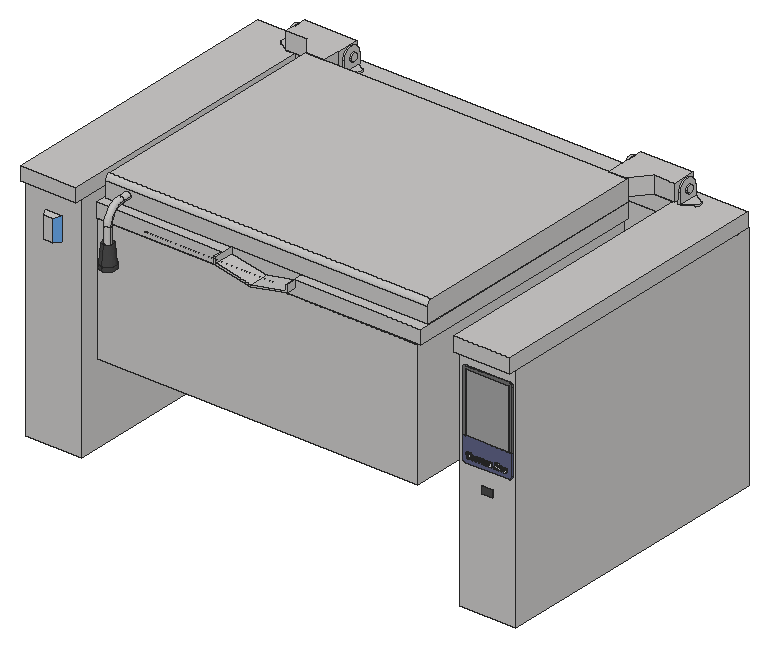
Revit family "QF_ELECTROLUXPROFESSIONAL_586284_PFET08EBEO", category Attrezzature speciali, Revit 2020
Family settings
  Quota connettore circolare = Usa diametro
  Tipo di parte = Normale
  Basato su piano di lavoro = No
  Sempre verticale = Sì
  Taglio con vuoti quando caricato = No
  Condiviso = No
  Punto di calcolo locali = No
Parameters (values of type "Standard")
  Weight = 240.00 kg
  Watts = 20600 W
  Volts = 400 V
  URL Manufacturer = "https://www.electroluxprofessional.com/"
  URL = "https://www.electroluxprofessional.com/"
  Steam Supply Size = 0 mm
  Steam Supply Minimum Pressure = 0.0 Pa
  Steam Supply Maximum Pressure = 0.0 Pa
  Steam Consumption per Hour = 0
  Refrigeration Suction Line Size = 0.0 mm
  Refrigeration Liquid Line Size = 0.0 mm
  Refrigerant Compressor Remote = yes
  Prospetto di default = 0.0 mm
  Produttore = "Electrolux Professional"
  Phase = 3
  Modello = "PFET08EBEO"
  Length Actual = 1400.0 mm  # constant formula
  Item Number = "586284"
  Hot Water Size = 12.7 mm
  Height Actual = 700.0 mm  # constant formula
  HP = "27.6 HP"
  Gas Size = 0 mm
  Gas KW = 0
  Gas Input Pressure = 0 W
  Direct Waste Size = 0 mm
  Descrizione = "ELECTRIC TILTING BRAISING PAN, 80L, COMPOUND(H) FS D850"
  Depth Actual = 850.0 mm  # constant formula
  Cycle = 50 Hz
  Condensate Return Size = 0 mm
  Compressed Air Volume = 0.0 L/s
  Compressed Air Size = 0 mm
  Compressed Air Pressure = 0.0 Pa
  Cold Water Size = 12.7 mm
  Accessory = yes
Reference planes
  plane 1 "Center (Front/Back)": y = 0
  plane 2: z = 0
  plane 3 "Center (Left/Right)": x = 0
  plane 4 "LEFT": x = -700
  plane 5 "RIGHT": x = 700
  plane 6 "BACK": y = 425
  plane 7 "FRONT": y = -425
  plane 8 "Base": z = 200
  plane 9 "TOP": z = 900
  plane 10: x = -540
  plane 11: x = 540
  plane 12 "Axe_PentolaY": y = -155
  plane 13 "AxePentolaZ": z = 730
  plane 14 "PLANE_TOP": z = 860
  plane 15: y = 355
  plane 16: z = 833
  plane 17: z = 502
  plane 18: z = 340
  plane 19: y = -477
  plane 20 "CentroPentolaY": y = -83
  plane 21 "TopCoperchio": z = 958
  plane 22 "Versamento": z = 910
  plane 23 "V1": through (-107.18, -558, 4000) normal (-0.7071, -0.7071, 0)
  plane 24 "V2": through (107.18, -558, 4000) normal (-0.7071, 0.7071, 0)
  plane 25 "Gfront": y = -1225
  plane 26 "LEVEL": through (-245.562, -289.383, 4000) normal (0.866, 0.5, 0)
  plane 27 "GRight": x = 250
  plane 28 "GLeft": x = -250
  plane 29 "Gback": y = -125
  plane 30: z = 1771
  plane 31 "Ribaltamento": y = -497
  plane 32 "AxeL": x = -620
  plane 33 "AxeR": x = 620
  plane 34 "Pentola_Back": y = 283
  plane 35 "Pentola_L": x = -457.5
  plane 36 "Pentola_R": x = 457.5
  plane 37: x = -397.5
  plane 38 "axeC1": x = -480
  plane 39 "axeC2": x = 480
Forms (mm)
  Revolve 1, solid, material "QF_Finishes_Stainless Steel"
    sketch origin (0, 0, 730) x (-1, 0, 0) y (0, -1, 0)
      loop
        line (540, 155) -> (-540, 155) -> (-540, 65) -> (-530, 65) -> (-530, 98) -> (530, 98) -> (530, 65) -> (540, 65) -> (540, 155)
      axis (540, 155) -> (-540, 155)
    angle from 0 to 360
  Extrusion 2, solid, material "QF_Finishes_Stainless Steel"
    sketch origin (0, 0, 860) x (-1, 0, 0) y (0, -1, 0)
      loop
        line (700, 425) -> (540, 425) -> (540, -355) -> (-540, -355) -> (-540, 425) -> (-700, 425) -> (-700, -425) -> (700, -425) -> (700, 425)
    from 0 to 40
  Extrusion 3, solid, material "QF_Finishes_Stainless Steel"
    sketch origin (0, 0, 860) x (-1, 0, 0) y (0, -1, 0)
      loop
        line (540, -355) -> (-540, -355) -> (-540, -425) -> (540, -425) -> (540, -355)
    from 0 to -360
  Extrusion 4, solid, material "QF_Finishes_Stainless Steel"
    sketch origin (-480, 0, 0) x (0, 1, 0) y (0, 0, 1)
      loop
        line (408.242, 900) -> (408.242, 931.379)
        arc (408.242, 931.379) -> (381.621, 958) -> (355, 931.379) r 26.621
        line (355, 931.379) -> (355, 900) -> (408.242, 900)
    from 75 to 82
  Extrusion 5, solid, material "QF_Finishes_Stainless Steel"
    sketch origin (-380, 0, 900) x (0, 1, 0) y (-1, 0, 0)
      loop
        line (359.36, 18) -> (370.936, -3.201)
        arc (370.936, -3.201) -> (381.621, -9.541) -> (392.305, -3.201) r 12.174
        line (392.305, -3.201) -> (403.882, 18) -> (359.36, 18)
      loop
        line (370.936, 211.185) -> (355, 182) -> (408.242, 182) -> (392.305, 211.185)
        arc (392.305, 211.185) -> (381.621, 217.525) -> (370.936, 211.185) r 12.174
    from 0 to 3
  Extrusion 6, solid, material "QF_Finishes_Stainless Steel"
    sketch origin (0, 0, 0) x (0, 1, 0) y (0, 0, 1)
      loop
        line (283, 860) -> (-451, 860) -> (-451, 502) -> (283, 502) -> (283, 860)
    from -457.5 to 457.5
  Extrusion 7, solid, material "QF_Finishes_Stainless Steel"
    sketch origin (0, 0, 0) x (0, 1, 0) y (0, 0, 1)
      loop
        line (289, 860) -> (289, 900) -> (-449.109, 900) -> (-449.109, 860) -> (289, 860)
    from -463.5 to 463.5
  Extrusion 8, void
    sketch origin (0, -425, 0) x (-1, 0, 0) y (0, 0, 1)
      loop
        line (-100, 900) -> (-100, 883.7) -> (0, 864.262) -> (100, 883.7) -> (100, 900) -> (-100, 900)
    from -29 to 5
  Extrusion 9, solid, material "QF_Finishes_Stainless Steel"
    sketch origin (0, 0, 0) x (0, 1, 0) y (0, 0, 1)
      loop
        line (294, 958) -> (-405, 958)
        arc (-405, 958) -> (-415.607, 953.607) -> (-420, 943) r 15
        line (-420, 943) -> (-420, 900) -> (294, 900) -> (294, 958)
    from -460 to 460
  Extrusion 10, solid, material "QF_Finishes_Stainless Steel"
    sketch origin (0, -425, 0) x (-1, 0, 0) y (0, 0, 1)
      loop
        line (105, 880) -> (105, 900) -> (100, 900) -> (100, 883.7) -> (0, 864.262) -> (-100, 883.7) -> (-100, 900) -> (-105, 900) -> (-105, 880) -> (0, 859.59) -> (105, 880)
    from -52 to -24.109
  Extrusion 11, solid, material "QF_Finishes_Stainless Steel"
    sketch origin (-480, 0, 0) x (0, 1, 0) y (0, 0, 1)
      loop
        line (408.242, 900) -> (408.242, 931.379)
        arc (408.242, 931.379) -> (381.621, 958) -> (355, 931.379) r 26.621
        line (355, 931.379) -> (355, 900) -> (408.242, 900)
    from -82 to -75
  Extrusion 12, solid, material "QF_Finishes_Stainless Steel"
    sketch origin (-480, 0, 0) x (0, 1, 0) y (0, 0, 1)
      loop
        circle (381.621, 931.379) r 10
    from 82 to 89
  Extrusion 13, solid, material "QF_Finishes_Stainless Steel"
    sketch origin (-480, 0, 0) x (0, 1, 0) y (0, 0, 1)
      loop
        circle (381.621, 931.379) r 10
    from -82 to -89
  Extrusion 14, solid, material "QF_Finishes_Stainless Steel"
    sketch origin (480, 0, 900) x (0, 1, 0) y (-1, 0, 0)
      loop
        arc (370.936, -111.185) -> (381.621, -117.525) -> (392.305, -111.185) r 12.174
        line (392.305, -111.185) -> (408.242, -82) -> (355, -82) -> (370.936, -111.185)
      loop
        line (370.936, 111.185) -> (355, 82) -> (408.242, 82) -> (392.305, 111.185)
        arc (392.305, 111.185) -> (381.621, 117.525) -> (370.936, 111.185) r 12.174
    from 0 to 3
  Extrusion 15, solid, material "QF_Finishes_Stainless Steel"
    sketch origin (480, 0, 0) x (0, 1, 0) y (0, 0, 1)
      loop
        circle (381.621, 931.379) r 10
    from 82 to 89
  Extrusion 16, solid, material "QF_Finishes_Stainless Steel"
    sketch origin (480, 0, 0) x (0, 1, 0) y (0, 0, 1)
      loop
        circle (381.621, 931.379) r 10
    from -82 to -89
  Extrusion 17, solid, material "QF_Finishes_Stainless Steel"
    sketch origin (480, 0, 0) x (0, 1, 0) y (0, 0, 1)
      loop
        line (408.242, 900) -> (408.242, 931.379)
        arc (408.242, 931.379) -> (381.621, 958) -> (355, 931.379) r 26.621
        line (355, 931.379) -> (355, 900) -> (408.242, 900)
    from 75 to 82
  Extrusion 18, solid, material "QF_Finishes_Stainless Steel"
    sketch origin (480, 0, 0) x (0, 1, 0) y (0, 0, 1)
      loop
        line (408.242, 900) -> (408.242, 931.379)
        arc (408.242, 931.379) -> (381.621, 958) -> (355, 931.379) r 26.621
        line (355, 931.379) -> (355, 900) -> (408.242, 900)
    from -82 to -75
  Extrusion 19, solid, material "QF_Finishes_Stainless Steel"
    sketch origin (0, 0, 900) x (0, 1, 0) y (-1, 0, 0)
      loop
        line (343.242, 407.5) -> (343.242, 405) -> (408.242, 405) -> (408.242, 555) -> (343.242, 555) -> (343.242, 495.485) -> (294, 455.609) -> (294, 407.5) -> (343.242, 407.5)
      loop
        line (343.242, -407.5) -> (294, -407.5) -> (294, -455.609) -> (343.242, -495.485) -> (343.242, -555) -> (408.242, -555) -> (408.242, -406.156) -> (343.242, -406.156) -> (343.242, -407.5)
    from 10 to 58
  Extrusion 20, solid, material "QF_Door-Drawer Clearances", detail levels coarse
    sketch origin (0, 43.989, -0.088) x (0, 1, 0) y (0, 0, 1)
      loop
        arc (-517.39, 847.898) -> (-540.008, 706.381) -> (-494.989, 570.322) r 302.677
        line (-494.989, 570.322) -> (-494.989, 847.898) -> (-517.39, 847.898)
      loop
        line (350.826, 958.088) -> (153.195, 1706.877) -> (134.411, 1701.919) -> (125.983, 1733.848)
        arc (125.983, 1733.848) -> (108.151, 1760.699) -> (77.639, 1771.088) r 50
        arc (77.639, 1771.088) -> (-376.825, 1436.433) -> (-540.989, 896.45) r 895.821
        arc (-540.989, 896.45) -> (-523.758, 923.956) -> (-493.989, 936.891) r 54.807
        line (-493.989, 936.891) -> (-463.989, 936.891) -> (-463.989, 943.088)
        arc (-463.989, 943.088) -> (-459.596, 953.695) -> (-448.989, 958.088) r 15
        line (-448.989, 958.088) -> (350.826, 958.088)
    from 105 to -105
Cuts and joins
  Extrusion 8 cuts Extrusion 7
  joined: Extrusion 7, Extrusion 10
Lines and regions (mm)
  symbolic lines
    curve 1: line (700, 425, 900) -> (-700, 425, 900)
    curve 2: line (700, -425, 900) -> (700, 425, 900)
    curve 3: line (-700, 425, 900) -> (-700, -425, 900)
    curve 4: line (-700, -425, 900) -> (-540, -425, 900)
    curve 5: line (-540, -425, 900) -> (-540, 343.242, 900)
    curve 6: line (540, -425, 900) -> (700, -425, 900)
    curve 7: line (530, -65, 900) -> (530, -245, 900)
    curve 8: line (-530, -65, 900) -> (-530, -245, 900)
    curve 9: line (-530, -65, 900) -> (-540, -65, 900)
    curve 10: line (-530, -245, 900) -> (-540, -245, 900)
    curve 11: line (530, -65, 900) -> (540, -65, 900)
    curve 12: line (530, -245, 900) -> (540, -245, 900)
    curve 18: line (562, 355, 900) -> (555, 355, 900)
    curve 19: line (-530, -97.761, 900) -> (-462.169, -97.761, 900)
    curve 20: line (-530, -211.868, 900) -> (-457.5, -211.868, 900)
    curve 21: line (530, -97.761, 900) -> (463.5, -97.761, 900)
    curve 22: line (530, -211.868, 900) -> (463.5, -211.868, 900)
    curve 49: line (-495.485, 343.242, 900) -> (-455.609, 294, 900)
    curve 50: line (-397.5, 283, 900) -> (-397.5, 294, 900)
    curve 51: line (-555, 408.242, 900) -> (-555, 343.242, 900)
    curve 52: line (-398, 408.242, 900) -> (-562, 408.242, 900)
    curve 53: line (-569, 391.621, 900) -> (-569, 371.621, 900)
    curve 54: line (-591.185, 370.936, 900) -> (-562, 355, 900)
    curve 55: arc (-591.185, 392.305, 900) -> (-597.525, 381.621, 900) -> (-591.185, 370.936, 900) r 12.174
    curve 56: line (-562, 408.242, 900) -> (-591.185, 392.305, 900)
    curve 57: line (-562, 408.242, 900) -> (-562, 355, 900)
    curve 58: arc (591.185, 370.936, 900) -> (597.525, 381.621, 900) -> (591.185, 392.305, 900) r 12.174
    curve 59: line (562, 355, 900) -> (591.185, 370.936, 900)
    curve 60: line (591.185, 392.305, 900) -> (562, 408.242, 900)
    curve 61: line (562, 355, 900) -> (562, 408.242, 900)
    curve 62: line (569, 371.621, 900) -> (569, 391.621, 900)
    curve 63: line (405, 408.242, 900) -> (405, 343.242, 900)
    curve 64: line (368.815, 370.936, 900) -> (398, 355, 900)
    curve 65: line (398, 408.242, 900) -> (368.815, 392.305, 900)
    curve 66: arc (368.815, 392.305, 900) -> (362.475, 381.621, 900) -> (368.815, 370.936, 900) r 12.174
    curve 67: line (391, 391.621, 900) -> (391, 371.621, 900)
    curve 68: line (398, 408.242, 900) -> (398, 355, 900)
    curve 69: line (-407.5, 294, 900) -> (-407.5, 343.242, 900)
    curve 70: line (463.5, 289, 900) -> (457.504, 289, 900)
    curve 71: line (-569, 391.621, 900) -> (-562, 391.621, 900)
    curve 72: line (-569, 371.621, 900) -> (-562, 371.621, 900)
    curve 73: line (-391, 391.621, 900) -> (-398, 391.621, 900)
    curve 74: line (-391, 371.621, 900) -> (-398, 371.621, 900)
    curve 75: line (391, 371.621, 900) -> (398, 371.621, 900)
    curve 76: line (391, 391.621, 900) -> (398, 391.621, 900)
    curve 77: line (569, 391.621, 900) -> (562, 391.621, 900)
    curve 78: line (569, 371.621, 900) -> (562, 371.621, 900)
    curve 79: line (398, 408.242, 900) -> (562, 408.242, 900)
    curve 80: line (405, 355, 900) -> (-398, 355, 900)
    curve 81: line (555, 343.242, 900) -> (555, 408.242, 900)
    curve 82: line (540, 343.242, 900) -> (540, -425, 900)
    curve 83: line (-562, 355, 900) -> (-555, 355, 900)
    curve 84: line (-391, 391.621, 900) -> (-391, 371.621, 900)
    curve 85: line (-392, 362.636, 900) -> (-376.799, 370.936, 900)
    curve 86: arc (-376.799, 370.936, 900) -> (-370.459, 381.621, 900) -> (-376.799, 392.305, 900) r 12.174
    curve 87: line (412.5, 283, 900) -> (412.5, 343.242, 900)
    curve 88: line (-495.485, 343.242, 900) -> (-555, 343.242, 900)
    curve 89: line (-407.5, 343.242, 900) -> (-405, 343.242, 900)
    curve 90: line (-405, 343.242, 900) -> (-405, 408.242, 900)
    curve 91: line (-376.799, 392.305, 900) -> (-398, 403.882, 900)
    curve 92: line (-398, 408.242, 900) -> (-398, 355, 900)
    curve 93: line (412.5, 294, 900) -> (-407.5, 294, 900)
    curve 94: line (555, 343.242, 900) -> (495.485, 343.242, 900)
    curve 95: line (495.485, 343.242, 900) -> (443.5, 269, 900)
    curve 96: line (405, 343.242, 900) -> (412.5, 343.242, 900)
    curve 97: line (-451.5, -420, 900) -> (443.5, -420, 900)
    curve 98: line (463.5, -460, 900) -> (105, -460, 900)
    curve 99: line (-105, -460, 900) -> (-457.5, -460, 900)
    curve 100: line (-405, 355, 900) -> (-398, 355, 900)
  symbolic lines, style "SpecialityEquipmentHiddenLines"
    curve 13: line (-250, -1225, 900) -> (250, -1225, 900)
    curve 14: line (-250, -125, 900) -> (-250, -1225, 900)
    curve 15: line (250, -125, 900) -> (-250, -125, 900)
    curve 16: line (250, -1225, 900) -> (250, -125, 900)
    curve 39: line (0, -1090.484, 900) -> (0, -1060.484, 900)
    curve 40: line (-15, -1075.484, 900) -> (15, -1075.484, 900)
  symbolic lines, style "SpecialityEquipment"
    curve 17: circle (0, -1075.484, 900) r 15 normal (0, 0, 1)
    curve 23: line (210, -1225, 900) -> (210, -1025, 900)
    curve 24: line (170, -1225, 900) -> (170, -1065, 900)
    curve 25: line (130, -1225, 900) -> (130, -1105, 900)
    curve 26: line (90, -1225, 900) -> (90, -1145, 900)
    curve 27: line (90, -1185, 900) -> (250, -1185, 900)
    curve 28: line (130, -1145, 900) -> (250, -1145, 900)
    curve 29: line (170, -1105, 900) -> (250, -1105, 900)
    curve 30: line (210, -1065, 900) -> (250, -1065, 900)
    curve 31: line (-210, -1225, 900) -> (-210, -1025, 900)
    curve 32: line (-170, -1225, 900) -> (-170, -1065, 900)
    curve 33: line (-130, -1225, 900) -> (-130, -1105, 900)
    curve 34: line (-90, -1225, 900) -> (-90, -1145, 900)
    curve 35: line (-90, -1185, 900) -> (-250, -1185, 900)
    curve 36: line (-130, -1145, 900) -> (-250, -1145, 900)
    curve 37: line (-170, -1105, 900) -> (-250, -1105, 900)
    curve 38: line (-210, -1065, 900) -> (-250, -1065, 900)
    curve 41: line (-451.5, 283, 900) -> (-451.5, -420, 900)
    curve 42: line (443.5, -420, 900) -> (443.5, 269, 900)
    curve 43: line (443.5, 283, 900) -> (-451.5, 283, 900)
    curve 44: line (-457.5, 289, 900) -> (-457.5, -460, 900)
    curve 45: line (463.5, -460, 900) -> (463.5, 289, 900)
    curve 46: line (-105, -477, 900) -> (105, -477, 900)
    curve 47: line (105, -477, 900) -> (105, -420, 900)
    curve 48: line (-105, -420, 900) -> (-105, -477, 900)
Dimensions and locks
  plane 4 "LEFT" to plane 5 "RIGHT" = 1400.0 mm
  equal spacing: plane 4 "LEFT", plane 3 "Center (Left/Right)", plane 5 "RIGHT"
  equal spacing: plane 6 "BACK", plane 1 "Center (Front/Back)", plane 7 "FRONT"
  plane 6 "BACK" to plane 7 "FRONT" = 850.0 mm
  plane 8 "Base" to level = 200.0 mm
  plane 9 "TOP" to level = 900.0 mm
  plane 9 "TOP" to plane 8 "Base" = 700.0 mm
  locked: plane 4 "LEFT" to plane 10 at 160
  locked: plane 11 to plane 5 "RIGHT" at 160
  locked: plane 6 "BACK" to plane 12 "Axe_PentolaY" at 580
  locked: plane 13 "AxePentolaZ" to plane 8 "Base" at 530
  locked: Revolve 1 sketch curve to Revolve 1 sketch curve at 57
  locked: Revolve 1 sketch curve to Revolve 1 sketch curve at 90
  locked: plane 10 to Revolve 1 sketch curve at 10
  locked: Revolve 1 sketch curve to plane 11 at 10
  locked: plane 9 "TOP" to plane 14 "PLANE_TOP" at 40
  plane 6 "BACK" to plane 15 = 70.0 mm
  locked: plane 16 to plane 13 "AxePentolaZ" at 103
  locked: plane 13 "AxePentolaZ" to plane 17 at 228
  locked: plane 17 to plane 18 at 162
  plane 6 "BACK" to plane 19 = 902.0 mm
  locked: plane 6 "BACK" to plane 20 "CentroPentolaY" at 508
  locked: plane 21 "TopCoperchio" to plane 9 "TOP" at 58
  locked: plane 22 "Versamento" to level at 910
  plane 6 "BACK" to plane 25 "Gfront" = 1650.0 mm
  locked: plane 28 "GLeft" to plane 3 "Center (Left/Right)" at 250
  locked: plane 3 "Center (Left/Right)" to plane 27 "GRight" at 250
  plane 6 "BACK" to plane 29 "Gback" = 550.0 mm
  plane 30 to plane 9 "TOP" = 871.0 mm
  plane 6 "BACK" to plane 31 "Ribaltamento" = 922.0 mm
  equal spacing: plane 10, plane 32 "AxeL", plane 4 "LEFT"
  equal spacing: plane 5 "RIGHT", plane 33 "AxeR", plane 11
  locked: plane 36 "Pentola_R" to plane 35 "Pentola_L" at 915
  equal spacing: plane 36 "Pentola_R", plane 3 "Center (Left/Right)", plane 35 "Pentola_L"
  locked: Extrusion 7 sketch curve to plane 34 "Pentola_Back" at 6
  plane 34 "Pentola_Back" to plane 12 "Axe_PentolaY" = 438.0 mm
  locked: plane 37 to plane 35 "Pentola_L" at 60
  plane 4 "LEFT" to plane 38 "axeC1" = 220.0 mm
  plane 39 "axeC2" to plane 5 "RIGHT" = 220.0 mm
  locked: cut or joined group of Extrusion 7, Extrusion 8, Extrusion 10 to plane 36 "Pentola_R" at 6
  locked: plane 35 "Pentola_L" to cut or joined group of Extrusion 7, Extrusion 8, Extrusion 10 at 6
  plane 35 "Pentola_L" to Extrusion 9 = 2.5 mm
  Extrusion 9 to plane 36 "Pentola_R" = 2.5 mm
  aligned and locked: level to plane 2
  aligned and locked: plane 5 "RIGHT" to nested 2
  aligned and locked: plane 4 "LEFT" to nested 1
  aligned and locked: plane 6 "BACK" to nested 2
  aligned and locked: plane 10 to Revolve 1 sketch curve
  aligned and locked: plane 11 to Revolve 1 sketch curve
  aligned and locked: plane 4 "LEFT" to Extrusion 2 sketch curve
  aligned and locked: Extrusion 2 sketch curve to plane 10
  aligned and locked: plane 7 "FRONT" to Extrusion 2 sketch curve  (x2)
  aligned and locked: Extrusion 2 sketch curve to plane 5 "RIGHT"
  aligned and locked: plane 11 to Extrusion 2 sketch curve
  aligned and locked: Extrusion 2 sketch curve to plane 6 "BACK"
  aligned and locked: plane 15 to Extrusion 2 sketch curve
  aligned and locked: Extrusion 3 sketch curve to plane 10
  aligned and locked: plane 6 "BACK" to Extrusion 3 sketch curve
  aligned and locked: plane 11 to Extrusion 3 sketch curve
  aligned and locked: Extrusion 3 sketch curve to plane 15
  aligned and locked: curve 13 to plane 25 "Gfront"
  aligned and locked: curve 14 to plane 28 "GLeft"
  aligned and locked: plane 27 "GRight" to curve 16
  aligned and locked: plane 29 "Gback" to curve 15
  aligned and locked: plane 17 to Extrusion 6 sketch curve
  aligned and locked: plane 9 "TOP" to Extrusion 7 sketch curve
  aligned and locked: Extrusion 6 to plane 35 "Pentola_L"
  aligned and locked: plane 36 "Pentola_R" to Extrusion 6
  aligned and locked: plane 37 to nested 3
Automatic sketch dimensions
  plane 12 "Axe_PentolaY" to Revolve 1 sketch curve = 0.0 mm
  Revolve 1 sketch curve to plane 12 "Axe_PentolaY" = 0.0 mm
  plane 20 "CentroPentolaY" to Revolve 1 sketch curve = 18.0 mm
  plane 5 "RIGHT" to Revolve 1 sketch curve = 432.098 mm
  Revolve 1 sketch curve to plane 4 "LEFT" = 580.148 mm
  Extrusion 4 sketch curve to plane 9 "TOP" = 0.0 mm
  Extrusion 4 sketch curve to plane 15 = 0.0 mm
  plane 15 to Extrusion 4 sketch curve = 26.621 mm
  plane 22 "Versamento" to Extrusion 4 sketch curve = 21.379 mm
  plane 16 to Extrusion 6 sketch curve = 27.0 mm
  Extrusion 6 sketch curve to plane 34 "Pentola_Back" = 0.0 mm
  Extrusion 6 sketch curve to plane 7 "FRONT" = 26.0 mm
  Extrusion 7 sketch curve to plane 7 "FRONT" = 24.109 mm
  Extrusion 9 sketch curve to plane 9 "TOP" = 0.0 mm
  plane 7 "FRONT" to Extrusion 9 sketch curve = 5.0 mm
  Extrusion 9 sketch curve to Extrusion 9 sketch curve = 15.0 mm
  plane 34 "Pentola_Back" to Extrusion 9 sketch curve = 11.0 mm
  Extrusion 11 sketch curve to plane 9 "TOP" = 0.0 mm
  Extrusion 11 sketch curve to plane 15 = 0.0 mm
  plane 15 to Extrusion 11 sketch curve = 26.621 mm
  plane 22 "Versamento" to Extrusion 11 sketch curve = 21.379 mm
  plane 15 to Extrusion 12 sketch curve = 26.621 mm
  plane 22 "Versamento" to Extrusion 12 sketch curve = 21.379 mm
  plane 15 to Extrusion 13 sketch curve = 26.621 mm
  plane 22 "Versamento" to Extrusion 13 sketch curve = 21.379 mm
  Extrusion 14 sketch curve to plane 15 = 0.0 mm  (x2)
  plane 15 to Extrusion 14 sketch curve = 15.936 mm  (x2)
  Extrusion 14 sketch curve to Extrusion 14 sketch curve = 10.684 mm  (x4)
  plane 27 "GRight" to Extrusion 14 sketch curve = 118.815 mm
  Extrusion 14 sketch curve to plane 6 "BACK" = 16.758 mm  (x2)
  Extrusion 14 sketch curve to Extrusion 14 sketch curve = 5.834 mm  (x2)
  Extrusion 14 sketch curve to Extrusion 14 sketch curve = 29.185 mm
  plane 11 to Extrusion 14 sketch curve = 22.0 mm
  Extrusion 14 sketch curve to plane 33 "AxeR" = 34.649 mm
  plane 15 to Extrusion 15 sketch curve = 26.621 mm
  plane 22 "Versamento" to Extrusion 15 sketch curve = 21.379 mm
  plane 15 to Extrusion 16 sketch curve = 26.621 mm
  plane 22 "Versamento" to Extrusion 16 sketch curve = 21.379 mm
  Extrusion 17 sketch curve to plane 9 "TOP" = 0.0 mm
  Extrusion 17 sketch curve to plane 15 = 0.0 mm
  Extrusion 17 sketch curve to Extrusion 17 sketch curve = 26.621 mm
  plane 22 "Versamento" to Extrusion 17 sketch curve = 21.379 mm
  Extrusion 18 sketch curve to plane 9 "TOP" = 0.0 mm
  Extrusion 18 sketch curve to plane 15 = 0.0 mm
  Extrusion 18 sketch curve to Extrusion 18 sketch curve = 26.621 mm
  plane 22 "Versamento" to Extrusion 18 sketch curve = 21.379 mm
  Extrusion 9 sketch curve to plane 21 "TopCoperchio" = 0.0 mm
  plane 16 to Extrusion 7 sketch curve = 27.0 mm
  plane 15 to Extrusion 5 sketch curve = 4.36 mm
  Extrusion 5 sketch curve to plane 15 = 0.0 mm
  plane 15 to Extrusion 5 sketch curve = 15.936 mm  (x2)
  Extrusion 5 sketch curve to Extrusion 5 sketch curve = 10.684 mm  (x4)
  Extrusion 5 sketch curve to plane 6 "BACK" = 16.758 mm
  plane 37 to Extrusion 5 sketch curve = 20.701 mm
  Extrusion 5 sketch curve to Extrusion 5 sketch curve = 5.834 mm  (x2)
  Extrusion 5 sketch curve to plane 10 = 22.0 mm
  plane 32 "AxeL" to Extrusion 5 sketch curve = 34.649 mm
  Extrusion 5 sketch curve to plane 6 "BACK" = 21.118 mm
  Extrusion 5 sketch curve to plane 37 = 0.5 mm
  Extrusion 19 sketch curve to plane 36 "Pentola_R" = 1.891 mm
  plane 34 "Pentola_Back" to Extrusion 19 sketch curve = 11.0 mm  (x2)
  Extrusion 19 sketch curve to plane 37 = 7.5 mm
  Extrusion 19 sketch curve to plane 15 = 11.758 mm  (x4)
  Extrusion 19 sketch curve to plane 6 "BACK" = 16.758 mm  (x2)
  plane 39 "axeC2" to Extrusion 19 sketch curve = 15.485 mm
  plane 11 to Extrusion 19 sketch curve = 15.0 mm
  Extrusion 19 sketch curve to Extrusion 19 sketch curve = 48.109 mm
  Extrusion 19 sketch curve to Extrusion 19 sketch curve = 1.344 mm
  Extrusion 19 sketch curve to plane 37 = 10.0 mm
  plane 35 "Pentola_L" to Extrusion 19 sketch curve = 1.891 mm
  Extrusion 19 sketch curve to plane 38 "axeC1" = 15.485 mm
  Extrusion 19 sketch curve to plane 10 = 15.0 mm
  curve 39 to plane 3 "Center (Left/Right)" = 0.0 mm
  curve 17 to plane 3 "Center (Left/Right)" = 0.0 mm
  curve 47 to plane 19 = 0.0 mm
  curve 44 to plane 35 "Pentola_L" = 0.0 mm
  curve 2 to plane 5 "RIGHT" = 0.0 mm
  curve 2 to plane 7 "FRONT" = 0.0 mm
  curve 5 to plane 7 "FRONT" = 0.0 mm
  curve 12 to plane 11 = 0.0 mm
  curve 10 to plane 10 = 0.0 mm
  curve 41 to plane 34 "Pentola_Back" = 0.0 mm
  curve 50 to plane 37 = 0.0 mm
  curve 59 to plane 15 = 0.0 mm
  curve 83 to plane 15 = 0.0 mm
  curve 92 to plane 15 = 0.0 mm
  curve 2 to plane 6 "BACK" = 0.0 mm
  curve 1 to plane 4 "LEFT" = 0.0 mm
  plane 25 "Gfront" to curve 17 = 149.516 mm
  plane 19 to curve 44 = 17.0 mm
  plane 36 "Pentola_R" to curve 98 = 6.0 mm
  plane 19 to curve 98 = 17.0 mm
  plane 7 "FRONT" to curve 97 = 5.0 mm
  curve 12 to plane 11 = 10.0 mm
  curve 12 to plane 12 "Axe_PentolaY" = 90.0 mm
  plane 10 to curve 8 = 10.0 mm
  curve 8 to plane 12 "Axe_PentolaY" = 90.0 mm
  plane 20 "CentroPentolaY" to curve 7 = 18.0 mm
  plane 20 "CentroPentolaY" to curve 9 = 18.0 mm
  curve 42 to plane 34 "Pentola_Back" = 14.0 mm
  plane 34 "Pentola_Back" to curve 70 = 6.0 mm
  curve 96 to plane 15 = 11.758 mm
  curve 95 to plane 15 = 11.758 mm
  curve 51 to plane 15 = 11.758 mm
  curve 90 to plane 15 = 11.758 mm
  plane 15 to curve 85 = 15.936 mm
  plane 15 to curve 64 = 15.936 mm
  plane 15 to curve 59 = 15.936 mm
  plane 15 to curve 54 = 15.936 mm
  plane 37 to curve 74 = 6.5 mm
  curve 85 to curve 74 = 0.684 mm
  plane 15 to curve 75 = 16.621 mm
  plane 15 to curve 72 = 16.621 mm
  plane 15 to curve 62 = 16.621 mm
  curve 54 to curve 55 = 10.684 mm
  curve 64 to curve 66 = 10.684 mm
  curve 58 to curve 58 = 10.684 mm
  curve 85 to curve 86 = 10.684 mm
  curve 58 to curve 77 = 10.0 mm
  curve 66 to curve 76 = 10.0 mm
  curve 86 to curve 73 = 10.0 mm
  curve 55 to curve 71 = 10.0 mm
  curve 66 to curve 65 = 10.684 mm
  curve 58 to curve 60 = 10.684 mm
  curve 55 to curve 56 = 10.684 mm
  plane 37 to curve 91 = 20.701 mm
  curve 86 to curve 91 = 10.684 mm
  curve 76 to curve 65 = 16.621 mm
  curve 71 to curve 57 = 16.621 mm
  curve 59 to plane 33 "AxeR" = 28.815 mm
  curve 59 to curve 58 = 5.834 mm
  curve 58 to curve 77 = 16.351 mm
  curve 62 to curve 18 = 7.0 mm
  curve 18 to curve 94 = 7.0 mm
  plane 39 "axeC2" to curve 95 = 15.485 mm
  curve 95 to plane 36 "Pentola_R" = 14.0 mm
  curve 96 to plane 36 "Pentola_R" = 45.0 mm
  curve 87 to curve 96 = 7.5 mm
  curve 63 to curve 65 = 7.0 mm
  curve 75 to curve 75 = 7.0 mm
  curve 67 to curve 66 = 16.351 mm
  curve 66 to curve 65 = 5.834 mm
  plane 3 "Center (Left/Right)" to curve 47 = 105.0 mm
  curve 46 to plane 3 "Center (Left/Right)" = 105.0 mm
  curve 91 to curve 86 = 5.834 mm
  curve 92 to plane 37 = 0.5 mm
  curve 89 to plane 37 = 7.5 mm
  curve 89 to curve 69 = 2.5 mm
  plane 35 "Pentola_L" to curve 97 = 6.0 mm
  curve 88 to plane 38 "axeC1" = 15.485 mm
  curve 88 to plane 10 = 15.0 mm
  curve 51 to curve 57 = 7.0 mm
  curve 72 to curve 72 = 7.0 mm
  curve 53 to curve 55 = 16.351 mm
  curve 55 to curve 56 = 5.834 mm
  curve 26 to curve 27 = 40.0 mm
  curve 13 to curve 35 = 40.0 mm
  curve 27 to curve 28 = 40.0 mm
  curve 35 to curve 36 = 40.0 mm
  curve 36 to curve 34 = 0.0 mm
  curve 26 to curve 28 = 0.0 mm
  curve 28 to curve 25 = 40.0 mm
  curve 36 to curve 37 = 40.0 mm
  curve 25 to curve 29 = 0.0 mm
  curve 37 to curve 33 = 0.0 mm
  curve 39 to curve 17 = 15.0 mm
  curve 40 to curve 17 = 0.0 mm
  curve 37 to curve 32 = 40.0 mm
  curve 37 to curve 38 = 40.0 mm
  curve 29 to curve 30 = 40.0 mm
  curve 29 to curve 24 = 40.0 mm
  curve 30 to curve 23 = 40.0 mm
  curve 38 to curve 31 = 40.0 mm
  curve 7 to curve 22 = 33.132 mm
  curve 20 to plane 12 "Axe_PentolaY" = 56.868 mm
  curve 21 to plane 20 "CentroPentolaY" = 14.761 mm
  curve 19 to plane 20 "CentroPentolaY" = 14.761 mm
  plane 34 "Pentola_Back" to curve 44 = 6.0 mm
  curve 87 to curve 93 = 11.0 mm
  plane 35 "Pentola_L" to curve 49 = 1.891 mm
  curve 44 to curve 49 = 5.0 mm
  plane 15 to curve 85 = 7.636 mm
  curve 91 to curve 52 = 4.36 mm
  curve 43 to curve 42 = 0.0 mm
  curve 64 to curve 68 = 0.0 mm
  curve 23 to plane 27 "GRight" = 40.0 mm
  curve 23 to curve 24 = 40.0 mm
  curve 24 to curve 25 = 40.0 mm
  curve 28 to curve 26 = 40.0 mm
  curve 35 to plane 3 "Center (Left/Right)" = 90.0 mm
  curve 34 to curve 36 = 40.0 mm
  curve 33 to curve 32 = 40.0 mm
  plane 28 "GLeft" to curve 31 = 40.0 mm
  plane 37 to curve 85 = 5.5 mm
  curve 19 to plane 35 "Pentola_L" = 4.669 mm
  Extrusion 20 sketch curve to plane 31 "Ribaltamento" = 0.0 mm
  Extrusion 20 sketch curve to plane 21 "TopCoperchio" = 0.0 mm
  Extrusion 20 sketch curve to plane 30 = 0.0 mm
  plane 19 to Extrusion 20 sketch curve = 3.599 mm
  Extrusion 20 sketch curve to plane 14 "PLANE_TOP" = 12.19 mm
  Extrusion 20 sketch curve to Extrusion 20 sketch curve = 22.401 mm
  Extrusion 20 sketch curve to plane 7 "FRONT" = 25.0 mm
  Extrusion 20 sketch curve to plane 7 "FRONT" = 19.022 mm
  plane 7 "FRONT" to Extrusion 20 sketch curve = 5.0 mm
  Extrusion 20 sketch curve to plane 21 "TopCoperchio" = 15.0 mm
  plane 13 "AxePentolaZ" to Extrusion 20 sketch curve = 0.64 mm
  Extrusion 20 sketch curve to plane 12 "Axe_PentolaY" = 39.323 mm
  Extrusion 20 sketch curve to plane 30 = 50.0 mm
  Extrusion 20 sketch curve to plane 30 = 37.24 mm
  Extrusion 20 sketch curve to plane 30 = 69.169 mm
  Extrusion 20 sketch curve to Extrusion 20 sketch curve = 8.427 mm
  Extrusion 20 sketch curve to plane 30 = 64.211 mm
  plane 22 "Versamento" to Extrusion 20 sketch curve = 9.05 mm
  Extrusion 20 sketch curve to Extrusion 20 sketch curve = 3.718 mm
  Extrusion 20 sketch curve to plane 9 "TOP" = 17.677 mm
  Extrusion 20 sketch curve to Extrusion 20 sketch curve = 6.197 mm
  Extrusion 8 sketch curve to plane 9 "TOP" = 0.0 mm
  Extrusion 8 sketch curve to plane 3 "Center (Left/Right)" = 0.0 mm
  plane 3 "Center (Left/Right)" to Extrusion 8 sketch curve = 100.0 mm
  Extrusion 8 sketch curve to plane 9 "TOP" = 16.3 mm  (x2)
  Extrusion 8 sketch curve to plane 3 "Center (Left/Right)" = 100.0 mm
  plane 14 "PLANE_TOP" to Extrusion 8 sketch curve = 4.262 mm
  Extrusion 10 sketch curve to plane 9 "TOP" = 0.0 mm  (x2)
  Extrusion 10 sketch curve to plane 3 "Center (Left/Right)" = 0.0 mm  (x2)
  plane 3 "Center (Left/Right)" to Extrusion 10 sketch curve = 100.0 mm
  Extrusion 10 sketch curve to Extrusion 10 sketch curve = 5.0 mm  (x2)
  Extrusion 10 sketch curve to plane 9 "TOP" = 16.3 mm
  Extrusion 10 sketch curve to plane 3 "Center (Left/Right)" = 100.0 mm
  Extrusion 10 sketch curve to plane 9 "TOP" = 20.0 mm  (x2)
  plane 14 "PLANE_TOP" to Extrusion 10 sketch curve = 4.262 mm
  Extrusion 10 sketch curve to Extrusion 10 sketch curve = 3.7 mm
  Extrusion 10 sketch curve to plane 14 "PLANE_TOP" = 0.41 mm
  radius of Extrusion 12 sketch curve = 10.0 mm
  radius of Extrusion 13 sketch curve = 10.0 mm
  radius of Extrusion 15 sketch curve = 10.0 mm
  radius of Extrusion 16 sketch curve = 10.0 mm
Nested families
  nested 1: "QF_ELECTROLUXPROFESSIONAL_PBOT850H700_LEFT" at (-620, 0, 0), type "QF_ELECTROLUXPROFESSIONAL_PBOT850H700_LEFT"
    with Body Finish QF_Finishes_Stainless Steel
  nested 2: "QF_ELECTROLUXPROFESSIONAL_PBOT850H700_RIGHT" at (620, 0, 0), type "QF_ELECTROLUXPROFESSIONAL_PBOT850H700_RIGHT"
    with Body Finish QF_Finishes_Stainless Steel
  nested 3: "QF_ELECTROLUXPROFESSIONAL_PFET900_LEVEL2" at (-397.5, -420, 927.803), type "QF_ELECTROLUXPROFESSIONAL_PFET900_LEVEL2"
Connectors
  piping at (-650, 428, 395), diameter 12.7, driven by "Hot Water Size"
    settings: on nested 1, index 1, connector inside diameter 609.6 mm, connector length 0.0 mm, flow factor 0, pipe flow 0.0 L/s, pressure drop 0.0 Pa, fitting loss kfactor 0, connector angle 0.00°, fixture units 0, engagement length 0.0 mm, angle of deflection 0.00°, flow configuration 1, flow direction 1, fitting loss method 0, system type 19, joint type 0, gender type 0, connector reference index -1, connector utility 0, adjustable connector no, is connector primary yes, connector description "Hot Water Inlet"
  piping at (-590, 428, 395), diameter 12.7, driven by "Cold Water Size"
    settings: on nested 1, index 2, connector inside diameter 609.6 mm, connector length 0.0 mm, flow factor 0, pipe flow 0.0 L/s, pressure drop 0.0 Pa, fitting loss kfactor 0, connector angle 0.00°, fixture units 0, engagement length 0.0 mm, angle of deflection 0.00°, flow configuration 1, flow direction 1, fitting loss method 0, system type 20, joint type 0, gender type 0, connector reference index -1, connector utility 0, adjustable connector no, is connector primary no, connector description "Cold Water Inlet"
  electrical at (620, 425, 450), driven by "Volts"
    settings: on nested 2, index 3, voltage 400 V, apparent load 0 VA, apparent load phase1 0 VA, apparent load phase2 0 VA, apparent load phase3 0 VA, power factor 1, load classification "Other", number of poles 1, system type 30, power factor state 1, is connector primary yes, connector utility no, sub classification motor no, connector description "Electrical Connection"
Definition of nested family "QF_ELECTROLUXPROFESSIONAL_PBOT850H700_LEFT"
  Parameters
    Width = 160.0 mm
    Right = Width / 2  # 80.0 mm
    Default Elevation = 0.0 mm
    Left = -Width / 2  # -80.0 mm
    Htop = 40.0 mm
    Height = 900.0 mm
    HW_CW_z = 195.0 mm
    HW_CW_y = 315.0 mm
    HW_CW_Border = 50.0 mm
    HBase = 200.0 mm
    Depth = 850.0 mm
    BorderFront = 20.0 mm
    Body Finish [instance] = none
  Reference planes
    plane 1 "Center (Front/Back)": y = 0
    plane 2: z = 0
    plane 3 "Center (Left/Right)": x = 0
    plane 4 "LEFT": x = -80
    plane 5 "RIGHT": x = 80
    plane 6 "BACK": y = 425
    plane 7 "FRONT": y = -425
    plane 8 "TRAYSLIDER": y = -811.8
    plane 9 "Base": z = 200
    plane 10 "TOP": z = 900
    plane 11 "BorderFront": y = -405
    plane 12: z = 860
    plane 13 "HW_CW": y = 110
    plane 14: x = -30
    plane 15: x = 30
    plane 16 "SteamO": y = 161
    plane 17 "CHW": z = 395
  Forms (mm)
    Extrusion 1, solid
      sketch origin (0, 0, 0) x (1, 0, 0) y (0, 1, 0)
        loop
          line (-80, 425) -> (-80, -405) -> (80, -405) -> (80, 425) -> (-80, 425)
      from 860 to 200
    Extrusion 2, solid, material <- "Body Finish"
      sketch origin (0, 425, 0) x (-1, 0, 0) y (0, 0, 1)
        loop
          circle (30, 395) r 6.35
        loop
          circle (-30, 395) r 6.35
      from 3 to 0
    Blend 3, solid, material <- "Body Finish"
      base sketch origin (0, -405, -0.233) x (-1, 0, 0) y (0, 0, 1)
        loop
          line (23.5, 800.233) -> (-23.5, 800.233) -> (-23.5, 733.433) -> (23.5, 733.433) -> (23.5, 800.233)
      top sketch origin (0, -405, -0.233) x (-1, 0, 0) y (0, 0, 1)
        loop
          line (13.448, 797.45) -> (-13.448, 797.45) -> (-13.448, 736.216) -> (13.448, 736.216) -> (13.448, 797.45)
      from 0 to -20
    Extrusion 4, solid
      sketch origin (0, 0, 200) x (0, 1, 0) y (-1, 0, 0)
        loop
          circle (110, 30) r 5
        loop
          circle (110, -30) r 5
      from 0 to -3
  Lines and regions (mm)
    symbolic lines
      curve 1: line (80, 425, 0) -> (-80, 425, 0)
      curve 2: line (-80, 425, 0) -> (-80, -405, 0)
  Dimensions and locks
    "Width": plane 4 "LEFT" to plane 5 "RIGHT"
    equal spacing: plane 4 "LEFT", plane 3 "Center (Left/Right)", plane 5 "RIGHT"
    equal spacing: plane 6 "BACK", plane 1 "Center (Front/Back)", plane 7 "FRONT"
    "Depth": plane 6 "BACK" to plane 7 "FRONT"
    "BorderFront": plane 11 "BorderFront" to plane 7 "FRONT"
    "Htop": plane 10 "TOP" to plane 12
    "Height": plane 10 "TOP" to level
    "HBase": plane 9 "Base" to level
    "HW_CW_y": plane 6 "BACK" to plane 13 "HW_CW"
    "HW_CW_Border": plane 4 "LEFT" to plane 14
    "HW_CW_Border": plane 15 to plane 5 "RIGHT"
    "HW_CW_z": plane 17 "CHW" to plane 9 "Base"
    aligned and locked: level to plane 2
    aligned and locked: plane 11 "BorderFront" to Extrusion 1 sketch curve
    aligned and locked: plane 12 to Extrusion 1
    aligned and locked: Extrusion 1 to plane 9 "Base"
    aligned and locked: plane 4 "LEFT" to Extrusion 1 sketch curve
    aligned and locked: Extrusion 1 sketch curve to plane 5 "RIGHT"
    aligned and locked: Extrusion 1 sketch curve to plane 6 "BACK"
  Automatic sketch dimensions
    curve 1 to plane 4 "LEFT" = 0.0 mm
    curve 1 to plane 5 "RIGHT" = 0.0 mm
    curve 2 to plane 11 "BorderFront" = 0.0 mm
    curve 2 to plane 6 "BACK" = 0.0 mm
    Extrusion 2 sketch curve to plane 15 = 0.0 mm
    Extrusion 2 sketch curve to plane 14 = 0.0 mm
    Extrusion 2 sketch curve to plane 17 "CHW" = 0.0 mm  (x2)
    Blend 3 sketch curve to plane 15 = 6.5 mm
    plane 14 to Blend 3 sketch curve = 6.5 mm
    Blend 3 sketch curve to plane 12 = 126.8 mm
    Blend 3 sketch curve to plane 12 = 60.0 mm
    plane 3 "Center (Left/Right)" to Blend 3 sketch curve = 13.448 mm
    Blend 3 sketch curve to plane 3 "Center (Left/Right)" = 13.448 mm
    Blend 3 sketch curve to plane 12 = 124.017 mm
    Blend 3 sketch curve to Blend 3 sketch curve = 61.233 mm
    Extrusion 4 sketch curve to plane 13 "HW_CW" = 0.0 mm  (x2)
    Extrusion 4 sketch curve to plane 15 = 0.0 mm
    Extrusion 4 sketch curve to plane 14 = 0.0 mm
    radius of Extrusion 2 sketch curve = 6.35 mm  (x2)
    radius of Extrusion 4 sketch curve = 5.0 mm  (x2)
Definition of nested family "QF_ELECTROLUXPROFESSIONAL_PBOT850H700_RIGHT"
  Parameters
    Width = 160.0 mm
    Right = Width / 2  # 80.0 mm
    Default Elevation = 0.0 mm
    Left = -Width / 2  # -80.0 mm
    Htop = 40.0 mm
    Height = 900.0 mm
    HBase = 200.0 mm
    EI_z = 250.0 mm
    EI_y = 235.0 mm
    Depth = 850.0 mm
    BorderFront = 20.0 mm
    Body Finish [instance] = none
  Reference planes
    plane 1 "Center (Front/Back)": y = 0
    plane 2: z = 0
    plane 3 "Center (Left/Right)": x = 0
    plane 4 "LEFT": x = -80
    plane 5 "RIGHT": x = 80
    plane 6 "BACK": y = 425
    plane 7 "FRONT": y = -425
    plane 8 "Base": z = 200
    plane 9 "TOP": z = 900
    plane 10 "BorderFront": y = -405
    plane 11: z = 860
    plane 12 "EI": z = 450
    plane 13: y = 190
  Forms (mm)
    Extrusion 1, solid
      sketch origin (0, 0, 0) x (1, 0, 0) y (0, 1, 0)
        loop
          line (-80, 425) -> (-80, -405) -> (80, -405) -> (80, 425) -> (-80, 425)
      from 860 to 200
    Extrusion 2, solid
      sketch origin (0, -405, 0) x (-1, 0, 0) y (0, 0, 1)
        loop
          line (59.714, 823.989) -> (-61.821, 823.989)
          arc (-61.821, 823.989) -> (-68.892, 821.06) -> (-71.821, 813.989) r 10
          line (-71.821, 813.989) -> (-71.821, 644.744) -> (-61.821, 644.744) -> (-61.821, 813.989) -> (59.714, 813.989) -> (59.714, 644.744) -> (69.714, 644.744) -> (69.714, 813.989)
          arc (69.714, 813.989) -> (66.786, 821.06) -> (59.714, 823.989) r 10
      from 0 to -3
    Extrusion 3, solid
      sketch origin (0, -405, 0) x (-1, 0, 0) y (0, 0, 1)
        loop
          line (69.714, 585) -> (69.714, 644.744) -> (-71.821, 644.744) -> (-71.821, 585)
          arc (-71.821, 585) -> (-68.892, 577.929) -> (-61.821, 575) r 10
          line (-61.821, 575) -> (59.714, 575)
          arc (59.714, 575) -> (66.786, 577.929) -> (69.714, 585) r 10
      from -3 to 0
    Extrusion 4, solid
      sketch origin (234.714, -405, 0) x (-1, 0, 0) y (0, 0, 1)
        loop
          line (294.429, 813.989) -> (172.894, 813.989) -> (172.894, 644.744) -> (294.429, 644.744) -> (294.429, 813.989)
      from 0 to -3
    Extrusion 5, solid
      sketch origin (0, -405, 0) x (-1, 0, 0) y (0, 0, 1)
        loop
          line (15, 530) -> (-15, 530) -> (-15, 510) -> (15, 510) -> (15, 530)
      from -1.6 to 0
    Extrusion 6, solid
      sketch origin (0, 425, 0) x (-1, 0, 0) y (0, 0, 1)
        loop
          circle (0, 450) r 5
      from 0 to 2
    Extrusion 7, solid
      sketch origin (0, 0, 200) x (0, 1, 0) y (-1, 0, 0)
        loop
          circle (190, 0) r 10
      from 0 to -3
  Lines and regions (mm)
    symbolic lines
      curve 1: line (-80, 425, 0) -> (80, 425, 0)
      curve 2: line (80, 425, 0) -> (80, -405, 0)
  Dimensions and locks
    "Width": plane 4 "LEFT" to plane 5 "RIGHT"
    equal spacing: plane 4 "LEFT", plane 3 "Center (Left/Right)", plane 5 "RIGHT"
    equal spacing: plane 6 "BACK", plane 1 "Center (Front/Back)", plane 7 "FRONT"
    "Depth": plane 6 "BACK" to plane 7 "FRONT"
    "BorderFront": plane 10 "BorderFront" to plane 7 "FRONT"
    "Htop": plane 9 "TOP" to plane 11
    "Height": plane 9 "TOP" to level
    "HBase": plane 8 "Base" to level
    "EI_y": plane 6 "BACK" to plane 13
    "EI_z": plane 12 "EI" to plane 8 "Base"
    aligned and locked: level to plane 2
    aligned and locked: plane 10 "BorderFront" to Extrusion 1 sketch curve
    aligned and locked: plane 11 to Extrusion 1
    aligned and locked: Extrusion 1 to plane 8 "Base"
    aligned and locked: plane 4 "LEFT" to Extrusion 1 sketch curve
    aligned and locked: Extrusion 1 sketch curve to plane 5 "RIGHT"
    aligned and locked: Extrusion 1 sketch curve to plane 6 "BACK"
  Automatic sketch dimensions
    Extrusion 2 sketch curve to plane 5 "RIGHT" = 8.179 mm
    Extrusion 2 sketch curve to Extrusion 2 sketch curve = 10.0 mm  (x2)
    Extrusion 2 sketch curve to Extrusion 2 sketch curve = 0.0 mm  (x4)
    plane 4 "LEFT" to Extrusion 2 sketch curve = 20.286 mm
    Extrusion 2 sketch curve to plane 11 = 215.256 mm
    Extrusion 2 sketch curve to plane 11 = 46.011 mm
    Extrusion 3 sketch curve to plane 5 "RIGHT" = 8.179 mm
    plane 4 "LEFT" to Extrusion 3 sketch curve = 20.286 mm
    plane 4 "LEFT" to Extrusion 3 sketch curve = 10.286 mm
    Extrusion 3 sketch curve to plane 11 = 285.0 mm
    Extrusion 3 sketch curve to Extrusion 3 sketch curve = 59.744 mm
    Extrusion 3 sketch curve to Extrusion 3 sketch curve = 10.0 mm
    plane 4 "LEFT" to Extrusion 4 sketch curve = 20.286 mm
    Extrusion 4 sketch curve to plane 11 = 46.011 mm
    Extrusion 4 sketch curve to plane 5 "RIGHT" = 18.179 mm
    Extrusion 4 sketch curve to Extrusion 4 sketch curve = 169.244 mm
    Extrusion 6 sketch curve to plane 3 "Center (Left/Right)" = 0.0 mm
    Extrusion 6 sketch curve to plane 12 "EI" = 0.0 mm
    curve 1 to plane 4 "LEFT" = 0.0 mm
    curve 1 to plane 5 "RIGHT" = 0.0 mm
    curve 2 to plane 10 "BorderFront" = 0.0 mm
    curve 1 to plane 6 "BACK" = 0.0 mm
    plane 3 "Center (Left/Right)" to Extrusion 5 sketch curve = 15.0 mm
    Extrusion 5 sketch curve to plane 3 "Center (Left/Right)" = 15.0 mm
    plane 12 "EI" to Extrusion 5 sketch curve = 60.0 mm
    Extrusion 5 sketch curve to Extrusion 5 sketch curve = 20.0 mm
    Extrusion 7 sketch curve to plane 3 "Center (Left/Right)" = 0.0 mm
    Extrusion 7 sketch curve to plane 13 = 0.0 mm
    radius of Extrusion 6 sketch curve = 5.0 mm
    radius of Extrusion 7 sketch curve = 10.0 mm
  Nested families
    nested 1: "ELX_ThermaLine" at (-0.906, -408, 593.675) x (1, 0, 0) z (0, -1, 0), type "ELX_ThermaLine"
      with Show Logo yes, Material_Logo none
  Definition of nested family "ELX_ThermaLine"
    Parameters
      Show Logo [instance] = yes
      Material_Logo [instance] = none
      Default Elevation = 0.0 mm
    Reference planes
      plane 1 "Centro (Fronte/Retro)": y = 0
      plane 2: z = 0
      plane 3 "Centro (Sinistra/Destra)": x = 0
    Forms (mm)
      Extrusion 1, solid
        sketch origin (0, 0, 0) x (1, 0, 0) y (0, 1, 0)
          loop
            line (-1219.2, 1219.2) -> (-1219.2, -1219.2) -> (1219.2, -1219.2) -> (1219.2, 1219.2) -> (-1219.2, 1219.2)
        from 0 to -304.8
      Extrusion 2, solid
        sketch origin (0, 0, 0) x (1, 0, 0) y (0, 1, 0)
          loop
            line (-52.84, 4.345) -> (-50.793, 4.345) -> (-50.793, 6.716) -> (-52.84, 6.716) -> (-52.84, 10.788) -> (-55.901, 9.058) -> (-55.901, 6.716) -> (-57.324, 6.716) -> (-57.324, 4.345) -> (-55.901, 4.345) -> (-55.901, -1.637)
            arc (-55.901, -1.637) -> (-54.76, -4.355) -> (-51.88, -4.985) r 3.198
            line (-51.88, -4.985) -> (-50.444, -4.597) -> (-50.782, -2.189) -> (-51.765, -2.453)
            arc (-51.765, -2.453) -> (-52.506, -2.305) -> (-52.84, -1.628) r 0.854
            line (-52.84, -1.628) -> (-52.84, 4.345)
          loop
            line (-48.642, 11.198) -> (-48.642, -4.787) -> (-45.561, -4.787) -> (-45.561, 2.659)
            arc (-45.561, 2.659) -> (-44.379, 4.372) -> (-42.304, 4.523) r 2.408
            arc (-42.304, 4.523) -> (-41.484, 3.75) -> (-41.182, 2.665) r 2.099
            line (-41.182, 2.665) -> (-41.182, -4.787) -> (-38.117, -4.787) -> (-38.088, 2.166)
            arc (-38.088, 2.166) -> (-38.343, 3.963) -> (-39.021, 5.646) r 7.517
            arc (-39.021, 5.646) -> (-42.369, 6.971) -> (-45.561, 5.303) r 4.327
            line (-45.561, 5.303) -> (-45.561, 11.198) -> (-48.642, 11.198)
          loop
            arc (-28.196, 1.988) -> (-28.834, 3.893) -> (-30.683, 4.679) r 2.449
            arc (-30.683, 4.679) -> (-32.149, 3.674) -> (-32.711, 1.988) r 2.793
            line (-32.711, 1.988) -> (-28.196, 1.988)
          loop
            arc (-25.128, 0.121) -> (-26.074, 4.342) -> (-29.545, 6.923) r 6.212
            arc (-29.545, 6.923) -> (-33.021, 6.358) -> (-35.352, 3.718) r 5.232
            arc (-35.352, 3.718) -> (-35.918, 1.148) -> (-35.633, -1.468) r 8.117
            arc (-35.633, -1.468) -> (-34.524, -3.319) -> (-32.789, -4.603) r 5.523
            arc (-32.789, -4.603) -> (-28.402, -4.744) -> (-25.297, -1.641) r 5.523
            line (-25.297, -1.641) -> (-28.327, -1.106)
            arc (-28.327, -1.106) -> (-29.324, -2.396) -> (-30.951, -2.501) r 1.982
            arc (-30.951, -2.501) -> (-32.276, -1.475) -> (-32.789, 0.121) r 2.835
            line (-32.789, 0.121) -> (-25.128, 0.121)
          loop
            line (-22.733, -4.787) -> (-19.705, -4.787) -> (-19.705, 0)
            arc (-19.705, 0) -> (-19.663, 1.267) -> (-19.469, 2.521) r 10.557
            arc (-19.469, 2.521) -> (-18.189, 4.014) -> (-16.237, 3.761) r 2.069
            line (-16.237, 3.761) -> (-15.318, 6.433)
            arc (-15.318, 6.433) -> (-17.915, 6.783) -> (-19.931, 5.11) r 3.262
            line (-19.931, 5.11) -> (-19.931, 6.752) -> (-22.733, 6.752) -> (-22.733, -4.787)
          loop
            line (-14.233, 6.752) -> (-14.233, -4.787) -> (-11.135, -4.787) -> (-11.135, 1.783)
            arc (-11.135, 1.783) -> (-10.552, 3.635) -> (-8.862, 4.59) r 2.646
            arc (-8.862, 4.59) -> (-7.677, 3.931) -> (-7.234, 2.65) r 1.899
            line (-7.234, 2.65) -> (-7.234, -4.787) -> (-4.155, -4.787) -> (-4.155, 1.467)
            arc (-4.155, 1.467) -> (-3.845, 2.923) -> (-2.97, 4.128) r 3.581
            arc (-2.97, 4.128) -> (-1.581, 4.474) -> (-0.516, 3.516) r 1.525
            arc (-0.516, 3.516) -> (-0.324, 2.735) -> (-0.304, 1.931) r 3.735
            line (-0.304, 1.931) -> (-0.304, -4.787) -> (2.776, -4.787) -> (2.776, 3.096)
            arc (2.776, 3.096) -> (1.833, 5.68) -> (-0.612, 6.942) r 3.784
            arc (-0.612, 6.942) -> (-2.795, 6.596) -> (-4.513, 5.205) r 4.271
            arc (-4.513, 5.205) -> (-5.893, 6.457) -> (-7.686, 6.964) r 4.079
            arc (-7.686, 6.964) -> (-9.75, 6.555) -> (-11.39, 5.237) r 4.412
            line (-11.39, 5.237) -> (-11.39, 6.752) -> (-14.233, 6.752)
          loop
            line (5.334, 3.712) -> (8.069, 3.23)
            arc (8.069, 3.23) -> (10.312, 4.685) -> (12.137, 2.73) r 2.082
            line (12.137, 2.73) -> (8.171, 1.741)
            arc (8.171, 1.741) -> (6.593, 1.022) -> (5.378, -0.215) r 4.758
            arc (5.378, -0.215) -> (5.225, -1.991) -> (5.744, -3.697) r 4.711
            arc (5.744, -3.697) -> (7.301, -4.682) -> (9.118, -4.992) r 4.691
            arc (9.118, -4.992) -> (10.903, -4.593) -> (12.411, -3.558) r 4.818
            line (12.411, -3.558) -> (12.81, -4.787) -> (15.873, -4.787) -> (15.179, -2.652) -> (15.179, 3.25)
            arc (15.179, 3.25) -> (14.773, 5.146) -> (13.38, 6.496) r 3.336
            arc (13.38, 6.496) -> (10.765, 7.201) -> (8.091, 6.773) r 6.459
            arc (8.091, 6.773) -> (6.348, 5.57) -> (5.334, 3.712) r 4.569
          loop
            line (21.001, -4.787) -> (24.24, -4.787) -> (27.623, 11.127) -> (24.384, 11.127) -> (21.001, -4.787)
          loop
            line (27.273, -4.787) -> (30.332, -4.787) -> (32.777, 6.716) -> (29.718, 6.716) -> (27.273, -4.787)
          loop
            line (30.656, 11.127) -> (30.058, 8.314) -> (33.117, 8.314) -> (33.715, 11.127) -> (30.656, 11.127)
          loop
            line (33.431, -4.787) -> (36.649, -4.787) -> (38.261, 2.796)
            arc (38.261, 2.796) -> (39.644, 4.445) -> (41.791, 4.594) r 2.751
            arc (41.791, 4.594) -> (42.425, 3.729) -> (42.502, 2.659) r 1.936
            line (42.502, 2.659) -> (40.919, -4.787) -> (43.989, -4.787) -> (45.795, 3.712)
            arc (45.795, 3.712) -> (45.588, 5.458) -> (44.361, 6.716) r 2.734
            arc (44.361, 6.716) -> (41.222, 6.857) -> (38.516, 5.259) r 5.512
            line (38.516, 5.259) -> (38.826, 6.716) -> (35.876, 6.716) -> (33.431, -4.787)
          loop
            line (50.773, 1.934) -> (55.672, 1.934)
            arc (55.672, 1.934) -> (55.737, 2.919) -> (55.334, 3.821) r 2.051
            arc (55.334, 3.821) -> (53.773, 4.722) -> (52.024, 4.287) r 2.407
            arc (52.024, 4.287) -> (51.223, 3.203) -> (50.773, 1.934) r 4.566
          loop
            line (50.479, 0) -> (58.259, 0)
            arc (58.259, 0) -> (58.241, 3.53) -> (56.181, 6.396) r 5.8
            arc (56.181, 6.396) -> (52.577, 6.992) -> (49.395, 5.199) r 5.498
            arc (49.395, 5.199) -> (47.819, 2.372) -> (47.536, -0.853) r 7.747
            arc (47.536, -0.853) -> (48.406, -3.006) -> (50.236, -4.437) r 4.494
            arc (50.236, -4.437) -> (52.672, -4.934) -> (55.109, -4.437) r 6.224
            arc (55.109, -4.437) -> (56.76, -3.346) -> (57.916, -1.739) r 5.478
            line (57.916, -1.739) -> (55.129, -1.247)
            arc (55.129, -1.247) -> (53.897, -2.495) -> (52.149, -2.637) r 2.52
            arc (52.149, -2.637) -> (50.809, -1.638) -> (50.479, 0) r 2.336
          loop
            line (12.154, 0.755) -> (8.732, -0.098)
            arc (8.732, -0.098) -> (8.126, -1.288) -> (8.732, -2.478) r 1.471
            arc (8.732, -2.478) -> (10.437, -2.725) -> (11.827, -1.706) r 2.276
            arc (11.827, -1.706) -> (12.142, -0.496) -> (12.154, 0.755) r 5.123
        from 0 to 1.6
    Dimensions and locks
      aligned and locked: plane 2 to Extrusion 1
      aligned and locked: level to Extrusion 1
Definition of nested family "QF_ELECTROLUXPROFESSIONAL_PFET900_LEVEL2"
  Parameters
    Default Elevation = 0.0 mm
    Assembly Code = ""
  Reference planes
    plane 1 "Center (Front/Back)": y = 0
    plane 2: z = 0
    plane 3 "Center (Left/Right)": x = 0
  Forms (mm)
    Sweep 1, solid
      path origin (0, 45, 0) x (0, 1, 0) y (0, 0, 1)
        loop
          line (-45, 0) -> (-70, 0)
          arc (-70, 0) -> (-101.82, -13.18) -> (-115, -45) r 45
          line (-115, -45) -> (-115, -90)
      profile origin (0, -12.5, 0) x (0, 0, -1) y (1, 0, 0)
        loop
          circle (0, 0) r 9
    Revolve 2, solid
      sketch origin (0, 45, 0) x (0, 1, 0) y (0, 0, 1)
        loop
          line (-115, -90) -> (-115, -152.379) -> (-92.246, -152.379) -> (-92.246, -142.379) -> (-94.495, -142.379) -> (-100, -90) -> (-115, -90)
        axis (-115, -90) -> (-115, -152.379)
      angle from 0 to 360
  Lines and regions (mm)
    symbolic lines
      curve 1: line (9, 0, 0) -> (9, -94.102, 0)
      curve 2: line (-9, 0, 0) -> (-9, -94.102, 0)
      curve 3: circle (0, -115, 0) r 22.754 normal (0, 0, 1)
  Dimensions and locks
    aligned and locked: level to plane 2
